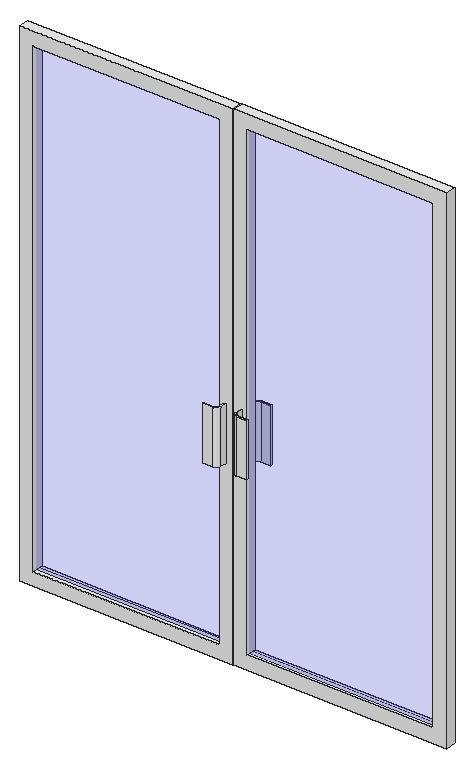
Revit family "1c2f41ec12d5408bad7ba9c9f45d12c3", category Doors, Revit 2021
Family settings
  OmniClass Number = 23.30.10.00
  OmniClass Title = Doors
  Always vertical = Yes
  Cut with Voids When Loaded = No
  Shared = No
  Room Calculation Point = No
Parameters
  Width [instance] = 6' - 0"
  Visual Light Transmittance = 0
  Thermal Resistance (R) = 1.3794 (h·ft²·°F)/BTU
  Swing Angle [instance] = 90.00°
  Solar Heat Gain Coefficient = 0
  Panel Width [instance] = 1 / 2 * Width  # 3' - 0"
  Offset = 0' - 2 1/4"
  Frame Material = Aluminum
  Define Thermal Properties by = Schematic Type
  Construction Type Id = "opn-d46"
  Door Handle Material = Aluminum
  Heat Transfer Coefficient (U) = 0.7250 BTU/(h·ft²·°F)
  Glazing = Glass
  Function = Exterior
  Assembly Code = "B2030100"
  Analytic Construction = "Metal frame, double glass door"
Reference planes (in)
  plane 1 "Center (Front/Back)": y = 0
  plane 2: z = 0
  plane 3 "Center (Left/Right)": x = -0.00106
  plane 4 "Left": x = -36.00106
  plane 5 "Right": x = 35.99894
  plane 6 "Top": z = 84
  plane 7: y = 0.5
  plane 8: y = 2.25
  plane 9: z = 39
  plane 10: z = 30
  plane 11 "Glass": y = 1.375
Forms (in)
  Extrusion 1, solid, material "Aluminum" <- "Frame Material"
    sketch origin (0, 0, 0) x (1, 0, 0) y (0, 0, 1)
      loop
        line (35.99894, 84) -> (0.03019, 84) -> (0.03019, 0) -> (35.99894, 0) -> (35.99894, 84)
      loop
        line (-36.00106, 84) -> (-36.00106, 0) -> (-0.03231, 0) -> (-0.03231, 84) -> (-36.00106, 84)
      loop
        line (33.74894, 81.75) -> (2.28019, 81.75) -> (2.28019, 2.25) -> (33.74894, 2.25) -> (33.74894, 81.75)
      loop
        line (-2.28231, 81.75) -> (-33.75106, 81.75) -> (-33.75106, 2.25) -> (-2.28231, 2.25) -> (-2.28231, 81.75)
    from -2.25 to -0.5
  Extrusion 2, solid, material "Glass" <- "Glazing"
    sketch origin (0, 0, 0) x (1, 0, 0) y (0, 0, 1)
      loop
        line (33.74894, 81.75) -> (2.28019, 81.75) -> (2.28019, 2.25) -> (33.74894, 2.25) -> (33.74894, 81.75)
      loop
        line (-2.28231, 81.75) -> (-33.75106, 81.75) -> (-33.75106, 2.25) -> (-2.28231, 2.25) -> (-2.28231, 81.75)
    from -1.75 to -1
  Extrusion 3, solid, material "Aluminum" <- "Door Handle Material", detail levels fine
    sketch origin (0, 0, 0) x (1, 0, 0) y (0, 1, 0)
      loop
        line (-1.25106, 2.25) -> (-1.25106, 3.25)
        arc (-1.25106, 3.25) -> (-1.47073, 3.78033) -> (-2.00106, 4) r 0.75
        line (-2.00106, 4) -> (-3.75106, 4) -> (-3.75106, 3.75) -> (-2.00106, 3.75)
        arc (-2.00106, 3.75) -> (-1.64751, 3.60355) -> (-1.50106, 3.25) r 0.5
        line (-1.50106, 3.25) -> (-1.50106, 2.25) -> (-1.25106, 2.25)
      loop
        line (1.24894, 2.25) -> (1.49894, 2.25) -> (1.49894, 3.25)
        arc (1.49894, 3.25) -> (1.64539, 3.60355) -> (1.99894, 3.75) r 0.5
        line (1.99894, 3.75) -> (3.74894, 3.75) -> (3.74894, 4) -> (1.99894, 4)
        arc (1.99894, 4) -> (1.46861, 3.78033) -> (1.24894, 3.25) r 0.75
        line (1.24894, 3.25) -> (1.24894, 2.25)
    from 30 to 39
  Extrusion 4, solid, material "Aluminum" <- "Door Handle Material", detail levels fine
    sketch origin (0, 0, 0) x (1, 0, 0) y (0, 1, 0)
      loop
        line (-1.25106, 0.5) -> (-1.50106, 0.5) -> (-1.50106, -0.5)
        arc (-1.50106, -0.5) -> (-1.64751, -0.85355) -> (-2.00106, -1) r 0.5
        line (-2.00106, -1) -> (-3.75106, -1) -> (-3.75106, -1.25) -> (-2.00106, -1.25)
        arc (-2.00106, -1.25) -> (-1.47073, -1.03033) -> (-1.25106, -0.5) r 0.75
        line (-1.25106, -0.5) -> (-1.25106, 0.5)
      loop
        line (1.24894, 0.5) -> (1.24894, -0.5)
        arc (1.24894, -0.5) -> (1.46861, -1.03033) -> (1.99894, -1.25) r 0.75
        line (1.99894, -1.25) -> (3.74894, -1.25) -> (3.74894, -1) -> (1.99894, -1)
        arc (1.99894, -1) -> (1.64539, -0.85355) -> (1.49894, -0.5) r 0.5
        line (1.49894, -0.5) -> (1.49894, 0.5) -> (1.24894, 0.5)
    from 30 to 39
Lines and regions (in)
  symbolic lines, style "Elevation Swing"
    curve 1: line (0.03019, 0, 84) -> (35.99894, 0, 42)
    curve 2: line (35.99894, 0, 42) -> (0.03019, 0, 0)
    curve 3: line (0.03019, 0, 0) -> (-36.00106, 0, 42)
    curve 4: line (-36.00106, 0, 42) -> (0.03019, 0, 84)
  model lines, style "DoorsGlassProjection"
    curve 5: line (33.74894, 1.375, 81.75) -> (33.74894, 1.375, 2.25)
    curve 6: line (2.28019, 1.375, 81.75) -> (2.28019, 1.375, 2.25)
    curve 7: line (-2.28231, 1.375, 81.75) -> (-2.28231, 1.375, 2.25)
    curve 8: line (-33.75106, 1.375, 81.75) -> (-33.75106, 1.375, 2.25)
Text (in)
  text "Exterior" at (-56.00096, 31.38743, 0), in view "Ref. Level"
Dimensions and locks (in)
  equal spacing: plane 4 "Left", plane 3 "Center (Left/Right)", plane 5 "Right"
  locked: Extrusion 1 sketch curve to plane 5 "Right" at 2.25
  locked: plane 2 to Extrusion 1 sketch curve at 2.25  (x2)
  locked: Extrusion 1 sketch curve to plane 6 "Top" at 2.25  (x2)
  locked: plane 4 "Left" to Extrusion 1 sketch curve at 2.25
  locked: Extrusion 1 sketch curve to Extrusion 1 sketch curve at 2.25  (x2)
  locked: plane 2 to plane 9 at 39
  locked: plane 10 to plane 9 at 9
  Extrusion 1 sketch curve to plane 3 "Center (Left/Right)" to Extrusion 1 sketch curve = 0' - 0 1/32" locked, 0' - 0 1/32" locked
  "Offset": plane 1 "Center (Front/Back)" to plane 8
  locked: plane 7 to plane 8 at 1.75
  locked: Extrusion 2 to plane 8 at 0.5
  locked: plane 7 to Extrusion 2 at 0.5
  equal spacing: plane 2, curve 4, plane 6 "Top"
  equal spacing: plane 2, curve 2, plane 6 "Top"
  "Width": plane 4 "Left" to plane 5 "Right"
  plane 8 to plane 7 = 0' - 1 3/4"
  equal spacing: plane 7, plane 11 "Glass", plane 8
  aligned and locked: Extrusion 1 to plane 8
  aligned and locked: plane 7 to Extrusion 1
  aligned and locked: plane 8 to Extrusion 3 sketch curve
  aligned and locked: Extrusion 3 sketch curve to plane 8
  aligned and locked: plane 7 to Extrusion 4 sketch curve
  aligned and locked: Extrusion 4 sketch curve to plane 7
  aligned and locked: Extrusion 3 to plane 9
  aligned and locked: plane 10 to Extrusion 3
  aligned and locked: Extrusion 4 to plane 9
  aligned and locked: plane 10 to Extrusion 4
  aligned and locked: plane 7 to nested 1
  aligned and locked: nested 1 to plane 5 "Right"
  aligned and locked: nested 1 to plane 7
  aligned and locked: nested 1 to plane 3 "Center (Left/Right)"
  aligned and locked: nested 2 to plane 7
  aligned and locked: nested 2 to plane 4 "Left"
  aligned and locked: nested 2 to plane 3 "Center (Left/Right)"
  aligned and locked: Extrusion 2 to curve 5
  aligned and locked: curve 6 to Extrusion 2  (x2)
  aligned and locked: Extrusion 2 to curve 7
  aligned and locked: curve 8 to Extrusion 2  (x2)
  aligned and locked: curve 5 to Extrusion 2  (x2)
  aligned and locked: Extrusion 2 to curve 6
  aligned and locked: curve 7 to Extrusion 2  (x2)
  aligned and locked: Extrusion 2 to curve 8
Automatic sketch dimensions
  Extrusion 1 sketch curve to level = 0' - 0"  (x2)
  Extrusion 1 sketch curve to plane 4 "Left" = 0' - 0"
  Extrusion 1 sketch curve to plane 5 "Right" = 0' - 0"
  Extrusion 1 sketch curve to plane 6 "Top" = 0' - 0"  (x2)
  Extrusion 2 sketch curve to plane 4 "Left" = 0' - 2 1/4"
  Extrusion 2 sketch curve to plane 3 "Center (Left/Right)" = 0' - 2 9/32"
  plane 3 "Center (Left/Right)" to Extrusion 2 sketch curve = 0' - 2 9/32"
  plane 5 "Right" to Extrusion 2 sketch curve = 0' - 2 1/4"
  level to Extrusion 2 sketch curve = 0' - 2 1/4"  (x2)
  plane 6 "Top" to Extrusion 2 sketch curve = 0' - 2 1/4"  (x2)
  curve 1 to plane 6 "Top" = 0' - 0"
  curve 3 to plane 4 "Left" = 0' - 0"
  curve 2 to plane 5 "Right" = 0' - 0"
  curve 3 to level = 0' - 0"
  plane 3 "Center (Left/Right)" to curve 2 = 0' - 0 1/32"
  plane 3 "Center (Left/Right)" to curve 4 = 0' - 0 1/32"
  Extrusion 4 sketch curve to Extrusion 4 sketch curve = 0' - 0"  (x4)
  plane 1 "Center (Front/Back)" to Extrusion 4 sketch curve = 0' - 1"
  Extrusion 4 sketch curve to plane 3 "Center (Left/Right)" = 0' - 3 3/4"
  Extrusion 4 sketch curve to Extrusion 4 sketch curve = 0' - 1 3/4"  (x2)
  Extrusion 4 sketch curve to Extrusion 4 sketch curve = 0' - 0 1/2"  (x2)
  Extrusion 4 sketch curve to Extrusion 4 sketch curve = 0' - 0 1/4"  (x2)
  plane 3 "Center (Left/Right)" to Extrusion 4 sketch curve = 0' - 1 1/4"
  plane 1 "Center (Front/Back)" to Extrusion 4 sketch curve = 0' - 1 1/4"
  Extrusion 3 sketch curve to Extrusion 3 sketch curve = 0' - 0"  (x4)
  Extrusion 3 sketch curve to plane 8 = 0' - 1 1/2"
  Extrusion 3 sketch curve to plane 3 "Center (Left/Right)" = 0' - 3 3/4"
  Extrusion 3 sketch curve to Extrusion 3 sketch curve = 0' - 1 3/4"  (x2)
  Extrusion 3 sketch curve to Extrusion 3 sketch curve = 0' - 0 1/2"  (x2)
  Extrusion 3 sketch curve to Extrusion 3 sketch curve = 0' - 0 1/4"  (x2)
  plane 3 "Center (Left/Right)" to Extrusion 3 sketch curve = 0' - 1 1/4"
  Extrusion 3 sketch curve to plane 8 = 0' - 1"
Nested families (in)
  nested 1: "Curtain Wall Door Swing-Single" at (35.99894, 0.5, 0), Swing Angle <- "Swing Angle", type "Single"
    with Swing Visible yes, Swing Angle 90.00°, Actual Angle 90.00°
  nested 2: "Curtain Wall Door Swing-Single" at (-36.00106, 0.5, 0) x (-1, 0, 0) z (0, 0, 1), Swing Angle <- "Swing Angle", type "Single"
    with Swing Visible yes, Swing Angle 90.00°, Actual Angle 90.00°
Definition of nested family "Curtain Wall Door Swing-Single"
  Parameters
    Width = 3' - 0"
    Thickness = 0' - 0"
    Swing Visible [instance] = Swing Angle > 1.00°  # yes
    Swing Angle [instance] = 45.00°
    Assembly Code = ""
    Analytic Construction = "<None>"
    Actual Angle [instance] = if(Swing Angle < 1.00°, 1.00°, Swing Angle)  # 45.00°
  Reference planes (in)
    plane 1 "Center (Front/Back)": y = 0
    plane 2: z = 0
    plane 3 "Center (Left/Right)": x = 0
    plane 4: x = -36
  Lines and regions (in)
    symbolic lines
      curve 1: line (0, 0, 0) -> (-36, 0, 0)
      curve 5: line (0, 0, 0) -> (-25.45584, 25.45584, 0)
    symbolic lines, visible <- "Swing Visible"
      curve 2: arc (-36, 0, 0) -> (-33.25966, 13.7766, 0) -> (-25.45584, 25.45584, 0) r 36
    reference lines
      curve 3: line (0, 0, 0) -> (-25.45584, 25.45584, 0)
    model lines
      curve 4: line (0, 0, 0) -> (0, 0, 1)
  Dimensions and locks (in)
    "Width": plane 4 to plane 3 "Center (Left/Right)"
    locked: curve 2 to plane 3 "Center (Left/Right)"
    locked: curve 2 to plane 1 "Center (Front/Back)"
    "Width": curve 3 to curve 3
    locked: curve 4 to plane 2 at 1
    "Width": radius of curve 2
    "Actual Angle": angle curve 2 to curve 2
    "Swing Angle": angle curve 3 to plane 1 "Center (Front/Back)"
    aligned and locked: plane 3 "Center (Left/Right)" to curve 1
    aligned and locked: plane 3 "Center (Left/Right)" to curve 3
    aligned and locked: plane 1 "Center (Front/Back)" to curve 3
    aligned and locked: plane 3 "Center (Left/Right)" to curve 4
    aligned and locked: plane 2 to curve 4
    aligned and locked: curve 5 to curve 3
